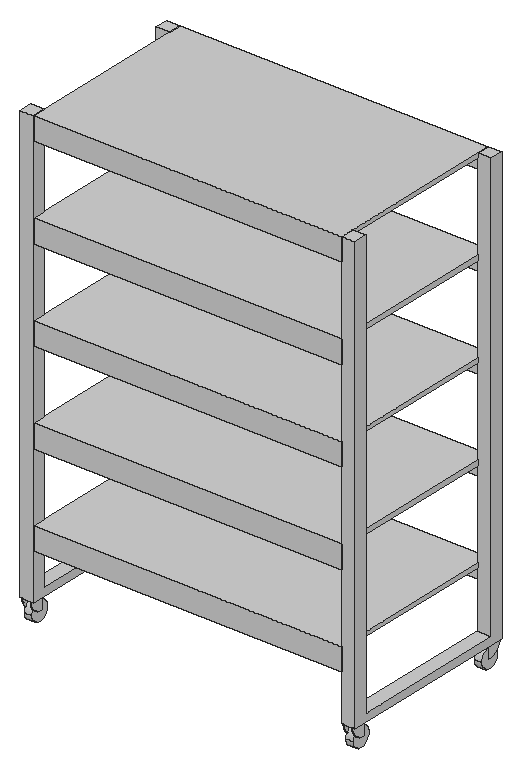
Revit family "WS1", category Specialty Equipment, Revit 2012
Parameters (values of type "Roll-Around Wide Span Unit (Default)")
  Width = 3' - 6"
  URL = "http://madixinc.com/store/widespan/core.html"
  Model = "Wide Span"
  Manufacturer = "© 2012 Madix, Inc. All rights reserved."
Reference planes (in)
  plane 1 "Center (Front/Back)": y = 0
  plane 2: z = 0
  plane 3 "Center (Left/Right)": x = 0
  plane 4: x = -20.125
  plane 5: x = 20.125
  plane 6: y = 12
  plane 7: y = -12
  plane 8: z = 60
  plane 9: x = 21.875
  plane 10: x = -21.875
  plane 11: x = -21
  plane 12: x = 21
  plane 13: z = 4
  plane 14: z = 3
Forms (in)
  Extrusion 1, solid, material "Metal - Steel"
    sketch origin (-18, -16.25, 9) x (0, -1, 0) y (0, 0, -1)
      loop
        line (-28.25, 0) -> (-28.25, -3) -> (-4.25, -3) -> (-4.25, 0) -> (-4.375, 0) -> (-4.375, -2.375) -> (-28.125, -2.375) -> (-28.125, 0) -> (-28.25, 0)
    from -2.125 to 38.125
  Extrusion 2, solid, material "Metal - Steel"
    sketch origin (-18, -16.25, 33) x (0, -1, 0) y (0, 0, -1)
      loop
        line (-28.25, 12) -> (-28.25, 9) -> (-4.25, 9) -> (-4.25, 12) -> (-4.375, 12) -> (-4.375, 9.625) -> (-28.125, 9.625) -> (-28.125, 12) -> (-28.25, 12)
    from -2.125 to 38.125
  Extrusion 3, solid, material "Metal - Steel"
    sketch origin (-18, -16.25, 45) x (0, -1, 0) y (0, 0, -1)
      loop
        line (-28.25, 12) -> (-28.25, 9) -> (-4.25, 9) -> (-4.25, 12) -> (-4.375, 12) -> (-4.375, 9.625) -> (-28.125, 9.625) -> (-28.125, 12) -> (-28.25, 12)
    from -2.125 to 38.125
  Extrusion 4, solid, material "Metal - Steel"
    sketch origin (-18, -16.25, 57) x (0, -1, 0) y (0, 0, -1)
      loop
        line (-28.25, 12) -> (-28.25, 9) -> (-4.25, 9) -> (-4.25, 12) -> (-4.375, 12) -> (-4.375, 9.625) -> (-28.125, 9.625) -> (-28.125, 12) -> (-28.25, 12)
    from -2.125 to 38.125
  Extrusion 5, solid, material "Metal - Steel"
    sketch origin (-18, -16.25, 69) x (0, -1, 0) y (0, 0, -1)
      loop
        line (-28.25, 12) -> (-28.25, 9) -> (-4.25, 9) -> (-4.25, 12) -> (-4.375, 12) -> (-4.375, 9.625) -> (-28.125, 9.625) -> (-28.125, 12) -> (-28.25, 12)
    from -2.125 to 38.125
  Extrusion 6, solid, material "Metal - Steel"
    sketch origin (0, 0, 0) x (1, 0, 0) y (0, 1, 0)
      loop
        line (-20.125, 12) -> (-21.875, 12) -> (-21.875, 10.25) -> (-20.125, 10.25) -> (-20.125, 12)
      loop
        line (20.125, 12) -> (20.125, 10.25) -> (21.875, 10.25) -> (21.875, 12) -> (20.125, 12)
      loop
        line (-20.125, -12) -> (-20.125, -10.25) -> (-21.875, -10.25) -> (-21.875, -12) -> (-20.125, -12)
      loop
        line (20.125, -12) -> (21.875, -12) -> (21.875, -10.25) -> (20.125, -10.25) -> (20.125, -12)
    from 4 to 60
  Extrusion 7, solid, material "Metal - Steel"
    sketch origin (0, 0, 0) x (1, 0, 0) y (0, 1, 0)
      loop
        line (-21.875, 12) -> (-21.875, -12) -> (-20.125, -12) -> (-20.125, 12) -> (-21.875, 12)
      loop
        line (21.875, 12) -> (20.125, 12) -> (20.125, -12) -> (21.875, -12) -> (21.875, 12)
    from 3 to 4
  Extrusion 8, solid, material "Metal - Steel"
    sketch origin (0, 0, 0) x (0, 1, 0) y (0, 0, 1)
      loop
        circle (10.5, 1.25) r 1.25
    from 20.5 to 21.5
  Extrusion 9, solid, material "Metal - Steel"
    sketch origin (0, 0, 0) x (0, -1, 0) y (0, 0, -1)
      loop
        circle (10.5, -1.25) r 1.25
    from 20.5 to 21.5
  Extrusion 10, solid, material "Metal - Steel"
    sketch origin (0, 0, 0) x (0, -1, 0) y (0, 0, 1)
      loop
        circle (10.5, 1.25) r 1.25
    from 20.5 to 21.5
  Extrusion 11, solid, material "Metal - Steel"
    sketch origin (0, 0, 0) x (0, 1, 0) y (0, 0, -1)
      loop
        circle (10.5, -1.25) r 1.25
    from 20.5 to 21.5
  Extrusion 12, solid, material "Metal - Steel"
    sketch origin (0, 0, 0) x (0, 1, 0) y (0, 0, 1)
      loop
        line (10.25, 3) -> (10.25, 1.25)
        arc (10.25, 1.25) -> (11.48744, 1.76256) -> (12, 3) r 1.75
        line (12, 3) -> (10.25, 3)
      loop
        line (-10.25, 3) -> (-12, 3)
        arc (-12, 3) -> (-11.48744, 1.76256) -> (-10.25, 1.25) r 1.75
        line (-10.25, 1.25) -> (-10.25, 3)
    from 21.5 to 21.625
  Extrusion 13, solid, material "Metal - Steel"
    sketch origin (42, 0, 0) x (0, 1, 0) y (0, 0, -1)
      loop
        line (10.25, -3) -> (12, -3)
        arc (12, -3) -> (11.48744, -1.76256) -> (10.25, -1.25) r 1.75
        line (10.25, -1.25) -> (10.25, -3)
      loop
        line (-10.25, -3) -> (-10.25, -1.25)
        arc (-10.25, -1.25) -> (-11.48744, -1.76256) -> (-12, -3) r 1.75
        line (-12, -3) -> (-10.25, -3)
    from 21.5 to 21.625
  Extrusion 14, solid, material "Metal - Steel"
    sketch origin (-42, 0, 0) x (0, 1, 0) y (0, 0, 1)
      loop
        line (10.25, 3) -> (10.25, 1.25)
        arc (10.25, 1.25) -> (11.48744, 1.76256) -> (12, 3) r 1.75
        line (12, 3) -> (10.25, 3)
      loop
        line (-10.25, 3) -> (-12, 3)
        arc (-12, 3) -> (-11.48744, 1.76256) -> (-10.25, 1.25) r 1.75
        line (-10.25, 1.25) -> (-10.25, 3)
    from 21.5 to 21.625
  Extrusion 15, solid, material "Metal - Steel"
    sketch origin (0, 0, 0) x (0, 1, 0) y (0, 0, -1)
      loop
        line (10.25, -3) -> (12, -3)
        arc (12, -3) -> (11.48744, -1.76256) -> (10.25, -1.25) r 1.75
        line (10.25, -1.25) -> (10.25, -3)
      loop
        line (-10.25, -3) -> (-10.25, -1.25)
        arc (-10.25, -1.25) -> (-11.48744, -1.76256) -> (-12, -3) r 1.75
        line (-12, -3) -> (-10.25, -3)
    from 21.5 to 21.625
Cuts and joins
  joined: Extrusion 6, Extrusion 7, Extrusion 8, Extrusion 9, Extrusion 10, Extrusion 11, Extrusion 12, Extrusion 13, Extrusion 14, Extrusion 15
Dimensions and locks (in)
  equal spacing: plane 7, plane 1 "Center (Front/Back)", plane 6
  plane 7 to plane 6 = 2' - 0"
  plane 8 to level = 5' - 0"
  plane 10 to plane 11 to plane 4 = 0' - 0 7/8" locked, 0' - 0 7/8" locked
  plane 5 to plane 12 to plane 9 = 0' - 0 7/8" locked, 0' - 0 7/8" locked
  equal spacing: plane 11, plane 3 "Center (Left/Right)", plane 12
  "Width": plane 11 to plane 12
  cut or joined group 1 (Extrusion 6, Extrusion 7, Extrusion 8, Extrusion 9, Extrusion 10, Extrusion 11, Extrusion 12, Extrusion 13, Extrusion 14, Extrusion 15) to cut or joined group 1 to cut or joined group 1 to cut or joined group 1 to cut or joined group 1 to plane 9 = 0' - 0 1/4" locked, 0' - 0 1/8" locked, 0' - 1" locked, 0' - 0 1/8" locked, 0' - 0 1/4" locked
  cut or joined group 1 to cut or joined group 1 to cut or joined group 1 to cut or joined group 1 to cut or joined group 1 to cut or joined group 1 = 0' - 0 1/4" locked, 0' - 0 1/8" locked, 0' - 1" locked, 0' - 0 1/8" locked, 0' - 0 1/4" locked
  aligned and locked: level to plane 2
  aligned and locked: Extrusion 1 to plane 5
  aligned and locked: Extrusion 1 to plane 4
  aligned and locked: Extrusion 2 to plane 5
  aligned and locked: Extrusion 2 to plane 4
  aligned and locked: Extrusion 3 to plane 5
  aligned and locked: Extrusion 3 to plane 4
  aligned and locked: Extrusion 4 to plane 5
  aligned and locked: Extrusion 4 to plane 4
  aligned and locked: Extrusion 2 to Extrusion 1
  aligned and locked: Extrusion 1 to Extrusion 3
  aligned and locked: Extrusion 3 to Extrusion 1
  aligned and locked: Extrusion 1 to Extrusion 4
  aligned and locked: Extrusion 4 to Extrusion 1
  aligned and locked: Extrusion 5 to plane 5
  aligned and locked: Extrusion 5 to plane 4
  aligned and locked: plane 4 to Extrusion 6  (x2)
  aligned and locked: plane 5 to Extrusion 6  (x2)
  aligned and locked: plane 8 to Extrusion 6
  aligned and locked: plane 9 to Extrusion 6
  aligned and locked: plane 10 to Extrusion 6
  aligned and locked: Extrusion 9 to Extrusion 12
  aligned and locked: Extrusion 9 to Extrusion 13
  aligned and locked: Extrusion 8 to Extrusion 12
  aligned and locked: Extrusion 8 to Extrusion 13
  aligned and locked: Extrusion 11 to Extrusion 15
  aligned and locked: Extrusion 11 to Extrusion 14
  aligned and locked: Extrusion 10 to Extrusion 15
  aligned and locked: Extrusion 10 to Extrusion 14
Automatic sketch dimensions
  Extrusion 1 sketch curve to plane 6 = 0' - 0"
  Extrusion 1 sketch curve to plane 7 = 0' - 0"
  plane 6 to Extrusion 1 sketch curve = 0' - 0 1/8"
  Extrusion 1 sketch curve to plane 7 = 0' - 0 1/8"
  plane 13 to Extrusion 1 sketch curve = 0' - 8"
  Extrusion 1 sketch curve to Extrusion 1 sketch curve = 0' - 0 5/8"
  Extrusion 1 sketch curve to Extrusion 1 sketch curve = 0' - 2 3/8"  (x2)
  Extrusion 2 sketch curve to plane 6 = 0' - 0"
  Extrusion 2 sketch curve to plane 7 = 0' - 0"
  plane 6 to Extrusion 2 sketch curve = 0' - 0 1/8"
  Extrusion 2 sketch curve to plane 7 = 0' - 0 1/8"
  plane 13 to Extrusion 2 sketch curve = 1' - 8"
  Extrusion 2 sketch curve to Extrusion 2 sketch curve = 0' - 0 5/8"
  Extrusion 2 sketch curve to Extrusion 2 sketch curve = 0' - 2 3/8"  (x2)
  Extrusion 3 sketch curve to plane 6 = 0' - 0"
  Extrusion 3 sketch curve to plane 7 = 0' - 0"
  plane 6 to Extrusion 3 sketch curve = 0' - 0 1/8"
  Extrusion 3 sketch curve to plane 7 = 0' - 0 1/8"
  plane 8 to Extrusion 3 sketch curve = 2' - 0"
  Extrusion 3 sketch curve to Extrusion 3 sketch curve = 0' - 0 5/8"
  Extrusion 3 sketch curve to Extrusion 3 sketch curve = 0' - 2 3/8"  (x2)
  Extrusion 4 sketch curve to plane 6 = 0' - 0"
  Extrusion 4 sketch curve to plane 7 = 0' - 0"
  plane 6 to Extrusion 4 sketch curve = 0' - 0 1/8"
  Extrusion 4 sketch curve to plane 7 = 0' - 0 1/8"
  plane 8 to Extrusion 4 sketch curve = 1' - 0"
  Extrusion 4 sketch curve to Extrusion 4 sketch curve = 0' - 0 5/8"
  Extrusion 4 sketch curve to Extrusion 4 sketch curve = 0' - 2 3/8"  (x2)
  Extrusion 5 sketch curve to plane 6 = 0' - 0"
  Extrusion 5 sketch curve to plane 7 = 0' - 0"
  plane 8 to Extrusion 5 sketch curve = 0' - 0"
  plane 6 to Extrusion 5 sketch curve = 0' - 0 1/8"
  Extrusion 5 sketch curve to plane 7 = 0' - 0 1/8"
  plane 8 to Extrusion 5 sketch curve = 0' - 0 5/8"
  Extrusion 5 sketch curve to Extrusion 5 sketch curve = 0' - 2 3/8"  (x2)
  plane 7 to Extrusion 6 sketch curve = 0' - 0"  (x2)
  Extrusion 6 sketch curve to plane 10 = 0' - 0"  (x2)
  plane 6 to Extrusion 6 sketch curve = 0' - 0"  (x2)
  Extrusion 6 sketch curve to plane 4 = 0' - 0"  (x2)
  Extrusion 6 sketch curve to plane 5 = 0' - 0"  (x2)
  Extrusion 6 sketch curve to plane 9 = 0' - 0"  (x2)
  Extrusion 6 sketch curve to plane 7 = 0' - 1 3/4"
  Extrusion 6 sketch curve to Extrusion 6 sketch curve = 0' - 1 3/4"  (x2)
  plane 6 to Extrusion 6 sketch curve = 0' - 1 3/4"
  plane 7 to Extrusion 7 sketch curve = 0' - 0"  (x2)
  Extrusion 7 sketch curve to plane 10 = 0' - 0"
  Extrusion 7 sketch curve to plane 4 = 0' - 0"
  Extrusion 7 sketch curve to plane 5 = 0' - 0"
  Extrusion 7 sketch curve to plane 9 = 0' - 0"
  plane 6 to Extrusion 7 sketch curve = 0' - 0"  (x2)
  plane 6 to Extrusion 8 sketch curve = 0' - 1 1/2"
  level to Extrusion 8 sketch curve = 0' - 1 1/4"
  plane 7 to Extrusion 9 sketch curve = 0' - 1 1/2"
  Extrusion 9 sketch curve to level = 0' - 1 1/4"
  Extrusion 10 sketch curve to plane 7 = 0' - 1 1/2"
  level to Extrusion 10 sketch curve = 0' - 1 1/4"
  plane 6 to Extrusion 11 sketch curve = 0' - 1 1/2"
  level to Extrusion 11 sketch curve = 0' - 1 1/4"
  Extrusion 12 sketch curve to plane 7 = 0' - 0"
  Extrusion 12 sketch curve to plane 14 = 0' - 0"  (x2)
  Extrusion 12 sketch curve to plane 6 = 0' - 0"
  Extrusion 12 sketch curve to Extrusion 12 sketch curve = 0' - 1 3/4"
  level to Extrusion 12 sketch curve = 0' - 1 1/4"
  Extrusion 13 sketch curve to plane 7 = 0' - 0"
  Extrusion 13 sketch curve to plane 14 = 0' - 0"  (x2)
  Extrusion 13 sketch curve to plane 6 = 0' - 0"
  Extrusion 13 sketch curve to Extrusion 13 sketch curve = 0' - 1 3/4"
  level to Extrusion 13 sketch curve = 0' - 1 1/4"
  Extrusion 14 sketch curve to plane 7 = 0' - 0"
  Extrusion 14 sketch curve to plane 14 = 0' - 0"  (x2)
  Extrusion 14 sketch curve to plane 6 = 0' - 0"
  Extrusion 14 sketch curve to Extrusion 14 sketch curve = 0' - 1 3/4"
  level to Extrusion 14 sketch curve = 0' - 1 1/4"
  Extrusion 15 sketch curve to plane 7 = 0' - 0"
  Extrusion 15 sketch curve to plane 14 = 0' - 0"  (x2)
  Extrusion 15 sketch curve to plane 6 = 0' - 0"
  Extrusion 15 sketch curve to Extrusion 15 sketch curve = 0' - 1 3/4"
  level to Extrusion 15 sketch curve = 0' - 1 1/4"
  radius of Extrusion 8 sketch curve = 0' - 1 1/4"
  radius of Extrusion 9 sketch curve = 0' - 1 1/4"
  radius of Extrusion 10 sketch curve = 0' - 1 1/4"
  radius of Extrusion 11 sketch curve = 0' - 1 1/4"
